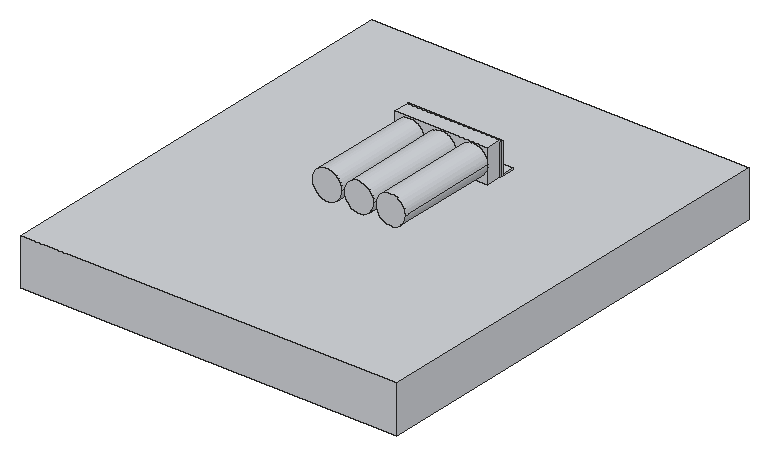
Revit family "M_Filtro d'água - Montado na parede", category Equipamento mecânico, Revit 2019
Family settings
  Hospedeiro = Face
  Cota do conector redondo = Usar raio
  Tipo de parte = Normal
  Número OmniClass = 23.65.50.11.11.11
  Título OmniClass = Water Filters
  ID de item do Seek = Water Filter - Wall Mounted-0000-CAN-ENU
  Corte com vazios quando carregada = Não
  Compartilhado = Não
  Ponto de cálculo do ambiente = Não
Parameters (values of type "Padrão")
  Largura do filtro de água = 210 mm
  Comprimento do filtro de água = 600 mm
  Altura do filtro de água = 850 mm
  Voltagem = 120 V
  Queda de pressão [instance] = 20700.0 Pa
  Raio da saída = 20 mm
  Diâmetro da saída = 2 * Raio da saída  # 40 mm
  Número de pólos = 1
  Classificação de carga = Eletrodoméstico - Unidade de interrupção
  Raio da embocadura = 20 mm
  Diâmetro interno = 2 * Raio da embocadura  # 40 mm
  Fluxo [instance] = 0.95 L/s
  Material do filtro = none
  Elevação-padrão = 600 mm
  Material do recobrimento = none
  Carga aparente = 27.5 VA
Reference planes
  plane 1 "Centro (Frente/Trás)": y = 0
  plane 2: z = 0
  plane 3 "Centro (Esquerda/Direita)": x = 0
  plane 4: y = 850
  plane 5: x = -300
  plane 6: x = 300
  plane 7: y = 786.5
  plane 8: y = 780.15
  plane 9 "Parte superior do filtro": y = 767.45
  plane 10: y = 665.85
  plane 11: z = 6.35
  plane 12: z = 216.35
  plane 13: x = -205.544
  plane 14: x = 205.544
  plane 15: z = 114.3
  plane 16: z = 203.65
  plane 17: z = 37.306
  plane 18: z = 138.906
  plane 19: x = -280.95
  plane 20: x = -128.55
  plane 21: y = 869.05
  plane 22: x = -179.35
  plane 23: y = 818.25
  plane 24: z = 142.081
Forms (mm)
  Extrusion 1, solid
    sketch origin (0, 0, 0) x (1, 0, 0) y (0, 1, 0)
      loop
        line (-1219.2, 1626.356) -> (-1219.2, -1219.2) -> (1219.2, -1219.2) -> (1219.2, 1626.356) -> (-1219.2, 1626.356)
    from 0 to -304.8
  Extrusion 2, solid, material <- "Material do filtro", detail levels medium+fine
    sketch origin (0, 0, 0) x (1, 0, 0) y (0, 0, 1)
      loop
        line (300, 216.35) -> (-300, 216.35) -> (-300, 0) -> (300, 0) -> (300, 216.35)
    from -767.45 to -665.85
  Sweep 3, solid, material <- "Material do filtro", detail levels medium+fine
    path origin (0, 767.45, 0) x (-1, 0, 0) y (0, 0, 1)
      loop
        line (-300, 0) -> (-300, 216.35) -> (300, 216.35) -> (300, 0)
    profile origin (300, 767.45, 108.175) x (1, 0, 0) y (0, 1, 0)
      loop
        line (-12.7, 12.7) -> (-25.4, 12.7) -> (-25.4, 0) -> (0, 0)
        arc (0, 0) -> (-3.72, 8.98) -> (-12.7, 12.7) r 12.7
  Extrusion 4, solid, material <- "Material do filtro", detail levels medium+fine
    sketch origin (0, 767.45, 0) x (-1, 0, 0) y (0, 0, 1)
      loop
        line (-274.6, 190.95) -> (-274.6, 0) -> (274.6, 0) -> (274.6, 190.95) -> (-274.6, 190.95)
    from 0 to 12.7
  Extrusion 5, solid, material <- "Material do filtro"
    sketch origin (0, 0, 0) x (1, 0, 0) y (0, 0, 1)
      loop
        circle (-205.544, 114.3) r 94.456
      loop
        circle (0, 114.3) r 94.456
      loop
        circle (205.544, 114.3) r 94.456
    from -665.85 to 0
  Extrusion 6, solid, material <- "Material do recobrimento", detail levels medium+fine
    sketch origin (0, 767.45, 0) x (-1, 0, 0) y (0, 0, 1)
      loop
        line (-300, 203.65) -> (-300, 0) -> (300, 0) -> (300, 203.65) -> (-300, 203.65)
    from 12.7 to 19.05
  Extrusion 7, solid, material <- "Material do recobrimento"
    sketch origin (0, 0, 0) x (1, 0, 0) y (0, 1, 0)
      loop
        line (-300, 869.05) -> (-300, 786.5) -> (300, 786.5) -> (300, 869.05) -> (-300, 869.05)
    from 0 to 6.35
  Extrusion 8, solid, material <- "Material do recobrimento"
    sketch origin (0, 767.45, 0) x (-1, 0, 0) y (0, 0, 1)
      loop
        line (128.55, 138.906) -> (128.55, 37.306) -> (280.95, 37.306) -> (280.95, 138.906) -> (128.55, 138.906)
    from 19.05 to 82.55
  Extrusion 9, solid, material <- "Material do recobrimento", detail levels medium+fine
    sketch origin (0, 0, 0) x (1, 0, 0) y (0, 1, 0)
      loop
        circle (-179.35, 818.25) r 12.7
    from 138.906 to 142.081
  Extrusion 10, solid, material <- "Material do filtro", detail levels coarse
    sketch origin (0, 767.45, 0) x (-1, 0, 0) y (0, 0, 1)
      loop
        line (-300, 216.35) -> (-300, 0) -> (300, 0) -> (300, 216.35) -> (-300, 216.35)
    from -101.6 to 19.05
Cuts and joins
  joined: Extrusion 2, Sweep 3, Extrusion 4
Dimensions and locks
  "Altura do filtro de água": plane 4 to plane 1 "Centro (Frente/Trás)"
  equal spacing: plane 5, plane 3 "Centro (Esquerda/Direita)", plane 6
  "Comprimento do filtro de água": plane 5 to plane 6
  locked: plane 4 to plane 7 at 63.5
  locked: plane 7 to plane 8 at 6.35
  locked: plane 8 to plane 9 "Parte superior do filtro" at 12.7
  locked: plane 9 "Parte superior do filtro" to plane 10 at 101.6
  locked: plane 2 to plane 11 at 6.35
  "Largura do filtro de água": plane 12 to plane 11
  locked: plane 13 to plane 5 at 94.456
  locked: plane 6 to plane 14 at 94.456
  locked: plane 15 to plane 11 at 107.95
  locked: plane 16 to plane 12 at 12.7
  locked: plane 11 to plane 17 at 30.956
  locked: plane 17 to plane 18 at 101.6
  locked: plane 19 to plane 5 at 19.05
  locked: plane 20 to plane 19 at 152.4
  locked: plane 21 to plane 7 at 82.55
  locked: plane 22 to plane 20 at 50.8
  locked: plane 7 to plane 23 at 31.75
  locked: plane 18 to plane 24 at 3.175
  radius of Extrusion 5 sketch curve = 94.456 mm  (x3)
  radius of Extrusion 9 sketch curve = 12.7 mm
  aligned and locked: plane 2 to Extrusion 1
  aligned and locked: level to Extrusion 1
  aligned and locked: plane 6 to Extrusion 2 sketch curve
  aligned and locked: plane 12 to Extrusion 2 sketch curve
  aligned and locked: Extrusion 2 sketch curve to plane 5
  aligned and locked: plane 9 "Parte superior do filtro" to Extrusion 2
  aligned and locked: Extrusion 2 to plane 10
  aligned and locked: Sweep 3 sketch curve to plane 6
  aligned and locked: Sweep 3 sketch curve to plane 12
  aligned and locked: plane 5 to Sweep 3 sketch curve
  aligned and locked: cut or joined group of Extrusion 2, Sweep 3, Extrusion 4 to Extrusion 4 sketch curve  (x2)
  aligned and locked: Extrusion 4 sketch curve to cut or joined group of Extrusion 2, Sweep 3, Extrusion 4  (x2)
  aligned and locked: Extrusion 4 to plane 9 "Parte superior do filtro"
  aligned and locked: plane 8 to Extrusion 4
  aligned and locked: plane 15 to Extrusion 5 sketch curve  (x3)
  aligned and locked: plane 13 to Extrusion 5 sketch curve
  aligned and locked: plane 3 "Centro (Esquerda/Direita)" to Extrusion 5 sketch curve
  aligned and locked: plane 14 to Extrusion 5 sketch curve
  aligned and locked: plane 10 to Extrusion 5
  aligned and locked: plane 1 "Centro (Frente/Trás)" to Extrusion 5
  aligned and locked: plane 6 to Extrusion 6 sketch curve
  aligned and locked: Extrusion 6 sketch curve to plane 16
  aligned and locked: plane 2 to Extrusion 6 sketch curve
  aligned and locked: plane 5 to Extrusion 6 sketch curve
  aligned and locked: Extrusion 6 to plane 8
  aligned and locked: plane 7 to Extrusion 6
  aligned and locked: plane 5 to Extrusion 7 sketch curve
  aligned and locked: Extrusion 6 to Extrusion 7 sketch curve
  aligned and locked: Extrusion 7 sketch curve to Extrusion 6
  aligned and locked: Extrusion 7 to plane 2
  aligned and locked: plane 11 to Extrusion 7
  aligned and locked: plane 20 to Extrusion 8 sketch curve
  aligned and locked: Extrusion 8 sketch curve to plane 18
  aligned and locked: plane 17 to Extrusion 8 sketch curve
  aligned and locked: plane 19 to Extrusion 8 sketch curve
  aligned and locked: Extrusion 7 sketch curve to plane 21
  aligned and locked: plane 4 to Extrusion 8
  aligned and locked: Extrusion 8 to plane 7
  aligned and locked: plane 23 to Extrusion 9 sketch curve
  aligned and locked: plane 22 to Extrusion 9 sketch curve
  aligned and locked: Extrusion 9 to plane 18
  aligned and locked: plane 24 to Extrusion 9
  aligned and locked: Extrusion 10 sketch curve to cut or joined group of Extrusion 2, Sweep 3, Extrusion 4  (x2)
  aligned and locked: Extrusion 6 to Extrusion 10 sketch curve
  aligned and locked: Extrusion 10 sketch curve to Extrusion 6
  aligned and locked: Extrusion 10 to plane 10
  aligned and locked: plane 7 to Extrusion 10
  aligned and locked: Extrusion 1 to Sweep 3 sketch curve  (x2)
  aligned and locked: Extrusion 1 to Extrusion 2 sketch curve
Automatic sketch dimensions
  Sweep 3 sketch curve to plane 9 "Parte superior do filtro" = 0 mm
  Sweep 3 sketch curve to profile plane = 0 mm
  plane 9 "Parte superior do filtro" to Sweep 3 sketch curve = 12.7 mm
  Sweep 3 sketch curve to Sweep 3 sketch curve = 12.7 mm
  Extrusion 1 sketch curve to Extrusion 1 sketch curve = 2438.4 mm
  Extrusion 1 sketch curve to Extrusion 1 sketch curve = 2845.556 mm
Connectors
  piping at (300, 716.65, 108.175), diameter 40, driven by "Fluxo", driven by "Raio da embocadura"
    settings: on cut or joined group of Extrusion 2, Sweep 3, Extrusion 4, index 1, connector inside diameter 40 mm, connector length 0 mm, flow factor 0, pipe flow 0.95 L/s, pressure drop 0.0 Pa, fitting loss kfactor 0, connector angle 0.00°, fixture units 0, engagement length 0 mm, angle of deflection 0.00°, flow configuration 1, flow direction 1, fitting loss method 0, system type 20, joint type 0, gender type 0, connector reference index -1, connector utility 0, adjustable connector no, is connector primary yes, connector description ""
  piping at (-300, 716.65, 108.175), diameter 40, driven by "Queda de pressão", driven by "Fluxo", driven by "Raio da saída"
    settings: on cut or joined group of Extrusion 2, Sweep 3, Extrusion 4, index 2, connector inside diameter 40 mm, connector length 0 mm, flow factor 0, pipe flow 0.95 L/s, pressure drop 20700.0 Pa, fitting loss kfactor 0, connector angle 0.00°, fixture units 0, engagement length 0 mm, angle of deflection 0.00°, flow configuration 0, flow direction 2, fitting loss method 4, system type 20, joint type 0, gender type 0, connector reference index -1, connector utility 0, adjustable connector no, is connector primary no, connector description ""
  electrical at (-280.95, 818.25, 88.106), driven by "Carga aparente", driven by "Voltagem", driven by "Número de pólos", driven by "Classificação de carga"
    settings: on Extrusion 8, index 3, voltage 120 V, apparent load 27.5 VA, apparent load phase1 0 VA, apparent load phase2 0 VA, apparent load phase3 0 VA, power factor 0.8, load classification "Eletrodoméstico - Unidade de interrupção", number of poles 1, system type 30, power factor state 1, is connector primary yes, connector utility no, sub classification motor no, connector description ""
